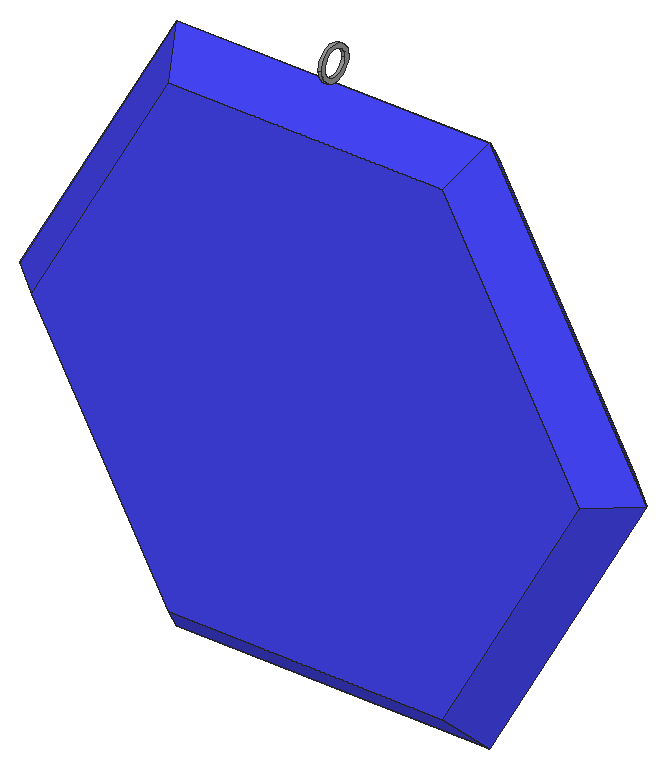
Revit family "1in Gem w Hook", category Generic Models, Revit 2022
Family settings
  Can host rebar = No
  Round Connector Dimension = Use Diameter
  Part Type = Normal
  Work Plane-Based = No
  Always vertical = Yes
  Cut with Voids When Loaded = No
  Maintain Annotation Orientation = No
  Shared = No
  Room Calculation Point = No
Parameters
  Default Elevation = 0' - 0"
Reference planes (in)
  plane 1 "Center (Front/Back)": y = 0
  plane 2: z = 0
  plane 3 "Center (Left/Right)": x = 0
Dimensions and locks (in)
  aligned and locked: plane 2 to level
Nested families (in)
  nested 1: "1in Gem" at (0, -0.03125, 0), type "1in Gem"
  nested 2: "1in Gem" at (0, 0.03125, 0) x (-1, 0, 0) z (0, 0, 1), type "1in Gem"
  nested 3: "hook try 1" at (0.00317, 0, 1.03126) x (0, -1, 0) z (0, 0, 1), type "hook try 1"
Definition of nested family "1in Gem"
  Parameters
    Default Elevation = 0' - 0"
  Reference planes (in)
    plane 1 "Center (Front/Back)": y = 0
    plane 2: z = 0
    plane 3 "Center (Left/Right)": x = 0
    plane 4: y = 0.5
    plane 5: y = -0.5
    plane 6: x = 0.5
    plane 7: x = -0.5
  Forms (in)
    Blend 1, solid
      base sketch origin (0, 0.03125, 0.5) x (1, 0, 0) y (0, 0, 1)
        loop
          line (-0.28868, 0.5) -> (-0.57735, 0) -> (-0.28868, -0.5) -> (0.28868, -0.5) -> (0.57735, 0) -> (0.28868, 0.5) -> (-0.28868, 0.5)
      top sketch origin (0, 0.03125, 0.5) x (1, 0, 0) y (0, 0, 1)
        loop
          line (-0.25259, 0.4375) -> (-0.50518, 0) -> (-0.25259, -0.4375) -> (0.25259, -0.4375) -> (0.50518, 0) -> (0.25259, 0.4375) -> (-0.25259, 0.4375)
      from 0 to 0.0625
  Dimensions and locks (in)
    aligned and locked: plane 2 to level
Definition of nested family "hook try 1"
  Parameters (values of type "hook try 1")
    Default Elevation = 0' - 0"
  Reference planes (in)
    plane 1 "Center (Front/Back)": y = 0
    plane 2: z = 0
    plane 3 "Center (Left/Right)": x = 0
  Forms (in)
    Extrusion 1, solid
      sketch origin (0, 0, 0) x (1, 0, 0) y (0, 0, 1)
        loop
          circle (0, 0) r 0.03125
        loop
          circle (0, 0) r 0.02344
      from 0 to 0.00631
  Dimensions and locks (in)
    aligned and locked: plane 2 to level
